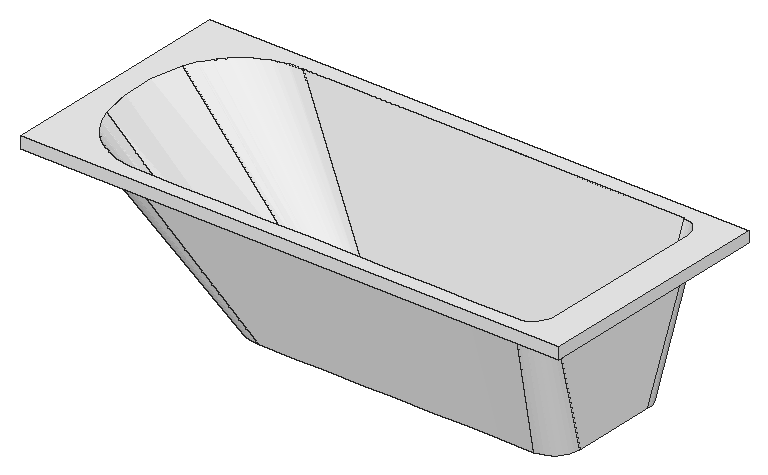
Revit family "NLRS_74_PF_UN_bad_S8B13712000_SPHINX_BCB", category Generic Models, Revit 2016
Family settings
  Part Type = Normal
  Can host rebar = No
  Round Connector Dimension = Use Radius
  OmniClass Number = 23.45.00.00
  OmniClass Title = Sanitary, Laundry, and Cleaning Equipment
  Work Plane-Based = No
  Always vertical = Yes
  Cut with Voids When Loaded = No
  Shared = No
  Room Calculation Point = No
Parameters
  NLRS_C_type = ""
  NLRS_C_serie = ""
  NLRS_C_revit_versie = "2016"
  NLRS_C_content_versie = "2.0"
  NLRS_C_content_provider = "BouwConnect"
  NLRS_C_content_datum_uitgifte = "APR-2018"
  NLRS_C_content_datum_gewijzigd = "APR-2018"
  NLRS_C_content_creator = "BouwConnect"
  NLRS_C_URL_product_data = "http://www.sphinx.nl/producten/baden/rechthoekige-baden/sphinx-b75-%7C-bad-comfort-plus/36835/"
  NLRS_C_code_artikel = "S8B13712000"
  Waste Connection = yes
  WFU = 0
  Vent Connection = yes
  URL = "http://www.sphinx.nl/"
  NLRS_S_gewicht = 26.50 kg
  NLRS_C_materiaal = NLRS_n6_acryl_wit_Sphinx
  NLRS_C_lengte = 1700 mm
  NLRS_C_hoogte = 440 mm
  NLRS_C_diameter_uit = 50 mm
  NLRS_C_breedte = 720 mm
  Model = ""
  Manufacturer = "Sphinx"
  Keynote = ""
  IfcTypeProduct = "IfcSanitaryTerminalType"
  IfcExportType = "BATH"
  IfcExportAs = "IfcSanitaryTerminalTypeEnum"
  IfcElement = "IfcFlowTerminal"
  HWFU = 0
  HW Connection = yes
  NLRS_C_code_EAN = ""
  Description = "bad"
  CWFU = 0
  CW Connection = yes
  NLRS_C_URL_BCB = "http://bcb-online.nl/?zoekterm=Sphinx+++%5bGeberit+B.V.%5d"
  Assembly Code = ""
Reference planes
  plane 1 "Center (Front/Back)": y = 0
  plane 2: z = 0
  plane 3 "Center (Left/Right)": x = 0
  plane 4: z = -35
  plane 5: z = -440
Forms (mm)
  Extrusion 1, solid, material "NLRS_n6_acryl_wit_Sphinx" <- "NLRS_C_materiaal", detail levels medium+fine
    sketch origin (0, 0, 0) x (-1, 0, 0) y (0, -1, 0)
      loop
        line (-285, -375) -> (1415, -375) -> (1415, 375) -> (-285, 375) -> (-285, -375)
    from -35 to 0
  Blend 2, solid, material "NLRS_n6_acryl_wit_Sphinx" <- "NLRS_C_materiaal", detail levels medium+fine
    base sketch origin (0, 0, 0) x (-1, 0, 0) y (0, -1, 0)
      loop
        line (-160, 135) -> (-160, -135)
        arc (-160, -135) -> (-136.569, -191.569) -> (-80, -215) r 80
        line (-80, -215) -> (794, -215)
        arc (794, -215) -> (864.711, -185.711) -> (894, -115) r 100
        line (894, -115) -> (894, 115)
        arc (894, 115) -> (864.711, 185.711) -> (794, 215) r 100
        line (794, 215) -> (-80, 215)
        arc (-80, 215) -> (-136.569, 191.569) -> (-160, 135) r 80
    top sketch origin (0, 0, 0) x (-1, 0, 0) y (0, -1, 0)
      loop
        line (-188.563, 265.743) -> (-188.563, -263.601)
        arc (-188.563, -263.601) -> (-168.218, -312.94) -> (-119.01, -333.6) r 70
        arc (-119.01, -333.6) -> (487.406, -335.762) -> (1093.824, -334.507) r 107612.079
        arc (1093.824, -334.507) -> (1242.05, -286.086) -> (1334.339, -160.394) r 254.9
        arc (1334.339, -160.394) -> (1360.427, -0.01) -> (1334.345, 160.375) r 506.096
        arc (1334.345, 160.375) -> (1241.659, 286.362) -> (1092.843, 334.5) r 254.9
        line (1092.843, 334.5) -> (-118.491, 335.743)
        arc (-118.491, 335.743) -> (-168.035, 315.266) -> (-188.563, 265.743) r 70
    from -440 to -35
  Blend 3, void, detail levels medium+fine
    base sketch origin (0, 0, 0) x (-1, 0, 0) y (0, -1, 0)
      loop
        arc (794, -210) -> (861.175, -182.175) -> (889, -115) r 95
        line (889, -115) -> (889, 115)
        arc (889, 115) -> (861.175, 182.175) -> (794, 210) r 95
        line (794, 210) -> (-80, 210)
        arc (-80, 210) -> (-133.033, 188.033) -> (-155, 135) r 75
        line (-155, 135) -> (-155, -135)
        arc (-155, -135) -> (-133.033, -188.033) -> (-80, -210) r 75
        line (-80, -210) -> (794, -210)
    top sketch origin (0, 0, 0) x (-1, 0, 0) y (0, -1, 0)
      loop
        arc (-183.563, -264.694) -> (-164.991, -309.734) -> (-120.071, -328.593) r 63.9
        arc (-120.071, -328.593) -> (485.017, -330.76) -> (1090.108, -329.525) r 107607.079
        arc (1090.108, -329.525) -> (1239.924, -279.974) -> (1331.896, -151.752) r 255
        arc (1331.896, -151.752) -> (1355.427, -0.025) -> (1331.912, 151.704) r 501.096
        arc (1331.912, 151.704) -> (1239.548, 280.232) -> (1089.14, 329.504) r 255
        line (1089.14, 329.504) -> (-117.996, 330.743)
        arc (-117.996, 330.743) -> (-164.355, 311.582) -> (-183.563, 265.243) r 65.5
        line (-183.563, 265.243) -> (-183.563, -264.694)
    from -430 to 10
  Extrusion 4, solid, material "NLRS_n6_acryl_wit_Sphinx" <- "NLRS_C_materiaal", detail levels coarse
    sketch origin (0, 0, 0) x (1, 0, 0) y (0, 1, 0)
      loop
        line (-1415, 375) -> (-1415, -375) -> (285, -375) -> (285, 375) -> (-1415, 375)
    from -440 to 0
  Extrusion 5, void, detail levels coarse
    sketch origin (0, 0, 0) x (1, 0, 0) y (0, 1, 0)
      loop
        arc (183.238, 265.33) -> (164.666, 310.369) -> (119.746, 329.228) r 63.9
        arc (119.746, 329.228) -> (-485.342, 331.396) -> (-1090.433, 330.16) r 107607.079
        arc (-1090.433, 330.16) -> (-1240.249, 280.61) -> (-1332.221, 152.388) r 255
        arc (-1332.221, 152.388) -> (-1355.752, 0.661) -> (-1332.237, -151.069) r 501.096
        arc (-1332.237, -151.069) -> (-1239.873, -279.596) -> (-1089.465, -328.869) r 255
        line (-1089.465, -328.869) -> (117.671, -330.107)
        arc (117.671, -330.107) -> (164.03, -310.946) -> (183.238, -264.607) r 65.5
        line (183.238, -264.607) -> (183.238, 265.33)
    from -430 to 10
  Extrusion 6, solid, not visible
    sketch origin (0, 0, 0) x (1, 0, 0) y (0, 1, 0)
      loop
        circle (0, 0) r 52
    from -440 to -430
Cuts and joins
  Blend 3 cuts Extrusion 1
  Blend 3 cuts Blend 2
  joined: Extrusion 1, Blend 2
  Extrusion 5 cuts Extrusion 4
Dimensions and locks
  aligned and locked: level to plane 2
Connectors
  piping at (0, 0, -440), diameter 100, driven by "NLRS_C_diameter_uit"
    settings: on Extrusion 6, index 1, connector inside diameter 609.6 mm, connector length 0 mm, flow factor 0, pipe flow 0.0 L/s, pressure drop 0.0 Pa, fitting loss kfactor 0, connector angle 0.00°, fixture units 0, engagement length 0 mm, angle of deflection 0.00°, flow configuration 3, flow direction 2, fitting loss method 0, system type 16, joint type 0, gender type 0, connector reference index -1, connector utility 0, adjustable connector no, is connector primary yes, connector description "out"
